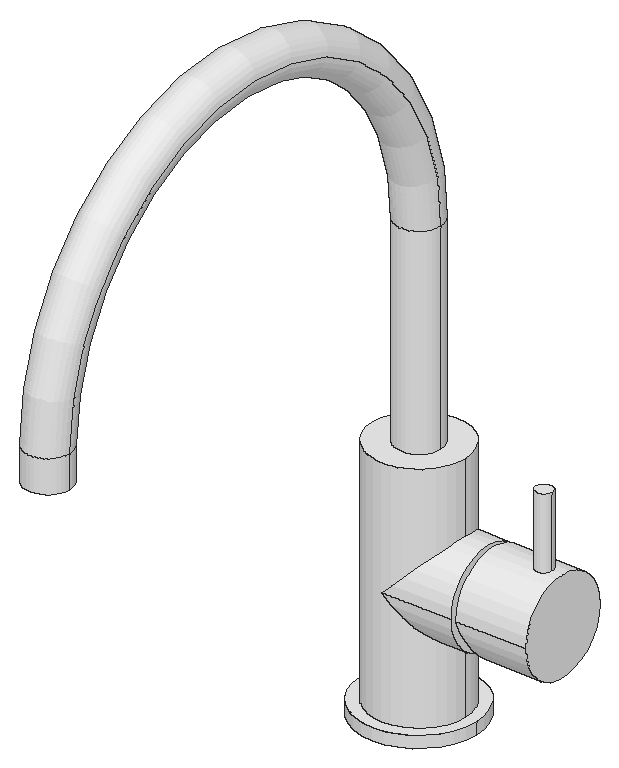
Revit family "CL10006-C4A_CLARK ROUND PIN SINK MIXER", category Plumbing Fixtures, host Face, Revit 2015
Parameters (values of type "CLARK ROUND PIN SINK MIXER - Chrome")
  Waste Connection = no
  WELSRating_ANZRS = "4 Star"
  Vent Connection = no
  URL = "https://www.clark.com.au/"
  Model = "CL10006.C4A"
  Material_Handle = GWA_Metal-Chrome
  Material_Base = GWA_Metal-Chrome
  Manufacturer = "GWA Bathrooms & Kitchens"  # constant formula
  HW Connection = yes
  Description = "CLARK ROUND PIN SINK MIXER"
  Default Elevation = 900 mm
  CreatedBy_ANZRS = "GWA Bathrooms & Kitchens"  # constant formula
  CW Connection = yes
  Assembly Code = "C1030220"
Types (3, lengths in mm): name | Model | Material_Handle | Material_Base
  (no name) | "CL10006.C4A" | GWA_Metal-Chrome | GWA_Metal-Chrome
  CLARK ROUND PIN SINK MIXER - Chrome | "CL10006.C4A" | GWA_Metal-Chrome | GWA_Metal-Chrome
  CLARK ROUND PIN SINK MIXER - Black | "CL10006.B4A" | GWA-Metal-Black | GWA-Metal-Black
Reference planes
  plane 1 "Center (Front/Back)": y = 0
  plane 2: z = 0
  plane 3 "Center (Left/Right)": x = 0
Forms (mm)
  Revolve 1, solid, material "GWA_Metal-Chrome" <- "Material_Base"
    sketch origin (30, 0, 55) x (0, 0, -1) y (1, 0, 0)
      loop
        line (0, 0) -> (17, 0)
        arc (17, 0) -> (16.166, 5.258) -> (13.748, 10) r 17
        line (13.748, 10) -> (0, 10) -> (0, 0)
      axis (0, 10) -> (0, 0)
    angle from 0 to 360
  Extrusion 2, solid, material "GWA_Metal-Chrome" <- "Material_Base"
    sketch origin (0, 0, 0) x (1, 0, 0) y (0, 1, 0)
      loop
        circle (0, 0) r 25
    from 0 to 5
  Extrusion 3, solid, material "GWA_Metal-Chrome" <- "Material_Base"
    sketch origin (0, 0, 0) x (1, 0, 0) y (0, 1, 0)
      loop
        circle (0, 0) r 20
    from 5 to 105
  Extrusion 4, solid, material "GWA_Metal-Chrome" <- "Material_Base"
    sketch origin (29, 0, 55) x (0, 1, 0) y (0, 0, 1)
      loop
        circle (0, 0) r 20
    from 3 to 33
  Extrusion 5, void
    sketch origin (29, 0, 55) x (0, 0, -1) y (1, 0, 0)
      loop
        line (24.647, 11.996) -> (0, 3) -> (0, 1.996) -> (24.647, 1.996) -> (24.647, 11.996)
    from -25 to 25
  Revolve 6, solid, material "GWA_Metal-Chrome" <- "Material_Base", not visible
    sketch origin (0, 0, 115) x (0, 1, 0) y (0, 0, 1)
      loop
        line (0, 0) -> (18, 0)
        arc (18, 0) -> (16.173, 7.902) -> (11.062, 14.2) r 18
        line (11.062, 14.2) -> (0, 14.2) -> (0, 0)
      axis (0, 14.2) -> (0, 0)
    angle from 0 to 360
  Extrusion 7, solid, material "GWA_Metal-Chrome" <- "Material_Base", not visible
    sketch origin (0, 0, 115) x (-1, 0, 0) y (0, -1, 0)
      loop
        circle (0, 0) r 20
    from 3 to 33
  Extrusion 8, solid, material "GWA_Metal-Chrome" <- "Material_Handle", not visible
    sketch origin (0, 0, 115) x (-1, 0, 0) y (0, -1, 0)
      loop
        line (-2, 47) -> (-2, 15)
        arc (-2, 15) -> (0, 13) -> (2, 15) r 2
        line (2, 15) -> (2, 47) -> (-2, 47)
    from 13 to 33
  Extrusion 9, void, not visible
    sketch origin (0, 0, 115) x (-1, 0, 0) y (0, -1, 0)
      loop
        line (-2, 19.9) -> (-2, 15)
        arc (-2, 15) -> (0, 13) -> (2, 15) r 2
        line (2, 15) -> (2, 19.9) -> (2, 24.009) -> (-2, 24.009) -> (-2, 19.9)
    from 13 to 35
  Extrusion 10, void, not visible
    sketch origin (0, 0, 115) x (0, 1, 0) y (0, 0, 1)
      loop
        line (-46, 33) -> (-46, 35) -> (-49, 35) -> (-49, 32) -> (-47, 32)
        arc (-47, 32) -> (-46.707, 32.707) -> (-46, 33) r 1
    from -5 to 5
  Extrusion 11, void, not visible
    sketch origin (0, 0, 161) x (0, 1, 0) y (0, 0, 1)
      loop
        arc (-46, -33) -> (-46.707, -32.707) -> (-47, -32) r 1
        line (-47, -32) -> (-49, -32) -> (-49, -35) -> (-46, -35) -> (-46, -33)
    from -5 to 5
  Extrusion 12, void, not visible
    sketch origin (0, 0, 115) x (0, 1, 0) y (0, 0, 1)
      loop
        line (24.647, 11.996) -> (0, 3) -> (0, 1.996) -> (24.647, 1.996) -> (24.647, 11.996)
    from -25 to 25
  Extrusion 13, solid, material "GWA_Metal-Chrome" <- "Material_Base"
    sketch origin (0, 0, 20) x (0, 1, 0) y (0, 0, 1)
      loop
        circle (0, 35) r 20
    from 0 to 30
  Extrusion 14, solid, material "GWA_Metal-Chrome" <- "Material_Base"
    sketch origin (0, 0, 0) x (1, 0, 0) y (0, 1, 0)
      loop
        circle (54, 0) r 3.5
    from 55 to 105
  Sweep 15, solid, material "GWA_Metal-Chrome" <- "Material_Base"
    path origin (0, 0, 0) x (0, 1, 0) y (0, 0, 1)
      loop
        line (-200, 177.1) -> (-200, 191.1)
        arc (-200, 191.1) -> (-100, 291.1) -> (0, 191.1) r 100
        line (0, 191.1) -> (0, 105)
    profile origin (0, 0, 148.05) x (1, 0, 0) y (0, 1, 0)
      loop
        circle (0, 0) r 9.5
Cuts and joins
  joined: Extrusion 3, Extrusion 13
  Extrusion 5 cuts Extrusion 4
  joined: Extrusion 4, Extrusion 14
  Extrusion 5 cuts Extrusion 2
Lines and regions (mm)
  Masking region 1
    outline origin (0, 0, 0) x (1, 0, 0) y (0, 1, 0)
      loop
        arc (15, 20) -> (-21.737, 12.349) -> (-9.5, -23.125) r 25
        line (-9.5, -23.125) -> (-9.5, -200)
        arc (-9.5, -200) -> (0, -209.5) -> (9.5, -200) r 9.5
        line (9.5, -200) -> (9.5, -23.125)
        arc (9.5, -23.125) -> (12.349, -21.737) -> (15, -20) r 25
        line (15, -20) -> (30, -20) -> (30, -17)
        arc (30, -17) -> (31.002, -16.97) -> (32, -16.882) r 17
        line (32, -16.882) -> (32, -20) -> (62, -20) -> (62, 20) -> (32, 20) -> (32, 16.882)
        arc (32, 16.882) -> (31.002, 16.97) -> (30, 17) r 17
        line (30, 17) -> (30, 20) -> (15, 20)
  Masking region 2
    outline origin (0, 0, 0) x (1, 0, 0) y (0, 0, 1)
      loop
        line (-25, 0) -> (25, 0) -> (25, 5) -> (20, 5) -> (20, 35) -> (30, 35) -> (30, 38)
        arc (30, 38) -> (33.882, 38.449) -> (37.558, 39.773) r 17
        line (37.558, 39.773) -> (39.3, 35) -> (62, 35) -> (62, 75) -> (57.5, 75) -> (57.5, 105) -> (50.5, 105) -> (50.5, 75) -> (32, 75) -> (32, 71.882)
        arc (32, 71.882) -> (31.002, 71.97) -> (30, 72) r 17
        line (30, 72) -> (30, 75) -> (20, 75) -> (20, 105) -> (9.5, 105) -> (9.5, 291.1)
        arc (9.5, 291.1) -> (0, 300.6) -> (-9.5, 291.1) r 9.5
        line (-9.5, 291.1) -> (-9.5, 105) -> (-20, 105) -> (-20, 5) -> (-25, 5) -> (-25, 0)
  Masking region 3
    outline origin (0, 0, 0) x (0, 1, 0) y (0, 0, 1)
      loop
        line (-25, 0) -> (25, 0) -> (25, 5) -> (20, 5) -> (20, 105) -> (9.5, 105) -> (9.5, 191.1)
        arc (9.5, 191.1) -> (-100, 300.6) -> (-209.5, 191.1) r 109.5
        line (-209.5, 191.1) -> (-209.5, 177.1) -> (-190.5, 177.1) -> (-190.5, 191.1)
        arc (-190.5, 191.1) -> (-100, 281.6) -> (-9.5, 191.1) r 90.5
        line (-9.5, 191.1) -> (-9.5, 105) -> (-20, 105) -> (-20, 5) -> (-25, 5) -> (-25, 0)
  symbolic lines
    curve 1: line (0, -20, 5) -> (0, 20, 5)
    curve 2: line (-20, 0, 5) -> (20, 0, 5)
    curve 3: line (-9.5, -23.125, 0) -> (-9.5, 0, 0)
    curve 4: arc (-9.5, 0, 0) -> (0, 9.5, 0) -> (9.5, 0, 0) r 9.5
    curve 5: line (9.5, 0, 0) -> (9.5, -23.125, 0)
    curve 6: arc (9.5, -17.6, 0) -> (0, 20, 0) -> (-9.5, -17.6, 0) r 20
    curve 7: line (30, 17, 0) -> (30, -17, 0)
    curve 8: line (32, 16.882, 0) -> (32, -16.882, 0)
    curve 9: line (15, 20, 0) -> (0, 20, 0)
    curve 10: line (15, -20, 0) -> (9.5, -20, 0)
    curve 11: line (20, 0, 75) -> (0, 0, 55)
    curve 12: line (0, 0, 55) -> (20, 0, 35)
    curve 13: line (32, 0, 55) -> (37.558, 0, 39.773)
    curve 14: line (32, 0, 55) -> (32, 0, 71.882)
    curve 15: line (30, 0, 72) -> (30, 0, 38)
    curve 16: line (9.5, 0, 105) -> (-9.5, 0, 105)
    curve 17: line (-9.5, 0, 177.1) -> (9.5, 0, 177.1)
    curve 18: line (0, -9.5, 105) -> (0, 9.5, 105)
    curve 19: arc (50.5, 0, 75) -> (54, 0, 74.691) -> (57.5, 0, 75) r 20
    curve 20: circle (0, 0, 55) r 20 normal (1, 0, 0)
    curve 21: line (0, -3.5, 105) -> (0, -3.5, 74.691)
    curve 22: line (0, 3.5, 105) -> (0, 3.5, 74.691)
Dimensions and locks
  aligned and locked: plane 2 to host face
  aligned and locked: level to host face
Connectors
  piping at (-10, 0, 0), diameter 20
    settings: index 1, connector inside diameter 609.6 mm, connector length 0 mm, flow factor 0, pipe flow 0.0 L/s, pressure drop 0.0 Pa, fitting loss kfactor 0, connector angle 0.00°, fixture units 0, engagement length 0 mm, angle of deflection 0.00°, flow configuration 3, flow direction 1, fitting loss method 0, system type 19, joint type 0, gender type 0, connector reference index -1, connector utility 0, adjustable connector no, is connector primary yes, connector description ""
  piping at (10, 0, 0), diameter 20
    settings: index 2, connector inside diameter 609.6 mm, connector length 0 mm, flow factor 0, pipe flow 0.0 L/s, pressure drop 0.0 Pa, fitting loss kfactor 0, connector angle 0.00°, fixture units 0, engagement length 0 mm, angle of deflection 0.00°, flow configuration 3, flow direction 1, fitting loss method 0, system type 20, joint type 0, gender type 0, connector reference index -1, connector utility 0, adjustable connector no, is connector primary no, connector description ""
